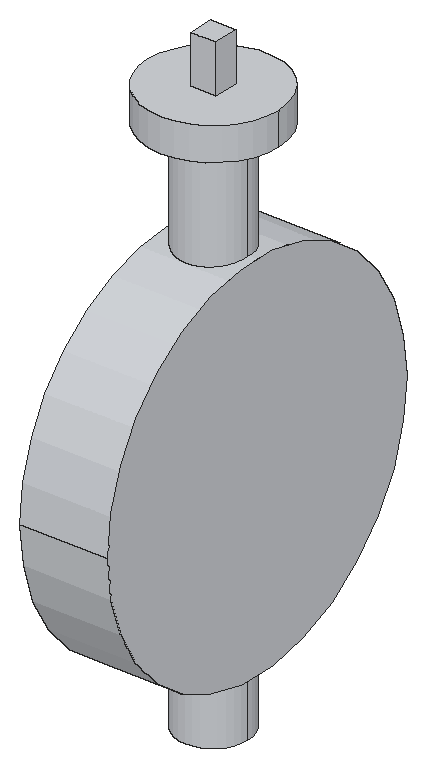
Revit family "HS497-67_disk-litina-volné vřeteno DN200-RFA_2018", category Pipe Accessories, Revit 2018
Family settings
  Round Connector Dimension = Use Diameter
  Part Type = Valve - Breaks Into
  Work Plane-Based = No
  Always vertical = Yes
  Cut with Voids When Loaded = No
  Shared = No
Parameters (values of type "HS 497-67_DN200_PN16_volné vřeteno")
  magiProductId = "5b29029eaeba47139ee1055a4b9201"
  magiProductFamilyId = "53cea81e6f374d17b8841d9c72ad77"
  magiPartTypeId = 305
  isMeasuringValve [instance] = no
  ang2D [instance] = 0.00°
  X11 = 61.456 mm
  X1 = 25.456 mm
  W2D = 1000 mm
  VersionID = "2.0/2017.9.26.1/ZETKAMA_497_001"
  Use Minimum Symbol Size [instance] = yes
  URL = "http://www.hydronic.cz"
  Type Comments = "mezipřírubová; litinový disk; PN16; -10~+110°C (krátkodobě +120°C)"
  SW30 = no
  SW3 = no
  SW21 = no
  SW20 = no
  SW2 = no
  SW1 = yes
  R = 100 mm
  QmdConnectorList = "301;D;302;D"
  Productdata [instance] = ""
  NC = 50 mm
  Model = ""
  Manufacturer = "Hydronic Systems Prague s.r.o."
  MM20 = 25.456 mm
  MC Product Code = "123 200 (litinový disk, s volným vřetenem; DN200; PN16, kvs2675)"
  M41 = 66 mm
  M4 = 44 mm
  LHL = 220 mm
  LHH3 = 2.45 mm
  LHH1 = 46.55 mm
  LH1 = 73.333 mm
  L4R__ve = -L4R  # -12.8 mm
  L4R = 12.8 mm
  L42__ve = -L42  # -96 mm
  L42 = 96 mm
  L41__ve = -L41  # -19.2 mm
  L41 = 19.2 mm
  L2D_Min = 3048 mm
  L2D = 216 mm
  L2 = 30 mm
  L1 = 48 mm
  L = 60 mm
  H = 33 mm
  G22 = 11.25 mm
  G2 = 22.5 mm
  G1 = 90 mm
  G = 90 mm
  F = 17 mm
  E44 = 31.25 mm
  E42 = 62.5 mm
  E4 = 125 mm
  E23 = 4.9 mm
  E22 = 19.6 mm
  E21 = 9.8 mm
  Description = "Mezipřírubová uzavírací klapka s volným vřetenem; litinový disk, DN200; PN16; kvs2675"
  DR2 = 100 mm
  DR = 257 mm
  DD1 = 15.625 mm
  DD = 12.5 mm
  D = 200 mm
  CAT0 = yes
  B2__ve = -B2  # -70 mm
  B2 = 70 mm
  A2 = 22.5 mm
  A1 = 102.5 mm
Types (43, lengths in mm): name | magiProductId | X11 | X1 | Type Comments | SW30 | SW3 | SW20 | SW2 | SW1 | R | NC | MM20 | MC Product Code | M41 | M4 | LHL | LHH3 | LHH1 | LH1 | L4R__ve | L4R | L42__ve | L42 | L41__ve | L41 | L2 | L1 | L | H | G | F | E44 | E42 | E4 | E23 | E22 | E21 | Description | DR2 | DR | DD1 | DD | D | B2__ve | B2 | A2 | A1
  HS 497-67_DN100_PN16_volné vřeteno | "65d1b245f4f142c78569c0602d5754" | 61.456 | 25.456 | "mezipřírubová; litinový disk; PN16; -10~+110°C (krátkodobě +120°C)" | no | no | no | no | yes | 50 | 50 | 25.456 | "123 100 (litinový disk, s volným vřetenem; DN100; PN16, kvs512)" | 66 | 44 | 220 | 2.45 | 46.55 | 73.333 | -12.8 | 12.8 | -96 | 96 | -19.2 | 19.2 | 26 | 41.6 | 52 | 30 | 90 | 11 | 31.25 | 62.5 | 125 | 4.9 | 19.6 | 9.8 | "Mezipřírubová uzavírací klapka s volným vřetenem; litinový disk, DN100; PN16; kvs512" | 50 | 147 | 15.625 | 12.5 | 100 | -56 | 56 | 16.5 | 98.5
  HS 497-67_DN100_PN16_převodové kolo | "11e91b807e674d428c8e796fcdcfe2" | 61.456 | 25.456 | "mezipřírubová; litinový disk; PN16; -10~+110°C (krátkodobě +120°C)" | yes | yes | no | no | no | 50 | 50 | 25.456 | "125 100 (litinový disk, s převodovým kolem; DN100; PN16, kvs512)" | 65.25 | 43.5 | 220 | 2.45 | 46.55 | 73.333 | -12.8 | 12.8 | -96 | 96 | -19.2 | 19.2 | 26 | 41.6 | 52 | 30 | 90 | 11 | 31.25 | 62.5 | 125 | 4.9 | 19.6 | 9.8 | "Mezipřírubová uzavírací klapka s převodovým kolem; litinový disk, DN100; PN16; kvs512" | 50 | 147 | 15.625 | 12.5 | 100 | -56 | 56 | 16.5 | 98.5
  HS 497-67_DN100_PN16_s pákou | "28172f0b3f4b47b28323ac71cf8749" | 61.456 | 25.456 | "mezipřírubová; litinový disk; PN16; -10~+110°C (krátkodobě +120°C)" | no | no | yes | yes | no | 50 | 50 | 25.456 | "120 100 (litinový disk, s pákou; DN100; PN16, kvs512)" | 66 | 44 | 260 | 3 | 57 | 86.667 | -12.8 | 12.8 | -96 | 96 | -19.2 | 19.2 | 26 | 41.6 | 52 | 30 | 90 | 11 | 31.25 | 62.5 | 125 | 6 | 24 | 12 | "Mezipřírubová uzavírací klapka s pákou; litinový disk, DN100; PN16; kvs512" | 50 | 147 | 15.625 | 12.5 | 100 | -56 | 56 | 16.5 | 98.5
  HS 497-67_DN125_PN16_volné vřeteno | "0d813d910fc14f628bb3c2efbd185c" | 61.456 | 25.456 | "mezipřírubová; litinový disk; PN16; -10~+110°C (krátkodobě +120°C)" | no | no | no | no | yes | 62.5 | 50 | 25.456 | "123 125 (litinový disk, s volným vřetenem; DN125; PN16, kvs872)" | 66 | 44 | 220 | 2.45 | 46.55 | 73.333 | -12.8 | 12.8 | -96 | 96 | -19.2 | 19.2 | 28 | 44.8 | 56 | 33 | 90 | 14 | 31.25 | 62.5 | 125 | 4.9 | 19.6 | 9.8 | "Mezipřírubová uzavírací klapka s volným vřetenem; litinový disk, DN125; PN16; kvs872" | 62.5 | 180 | 15.625 | 12.5 | 125 | -64 | 64 | 18 | 99.5
  HS 497-67_DN125_PN16_převodové kolo | "c56b7c13f372467684996fb1e0e229" | 61.456 | 25.456 | "mezipřírubová; litinový disk; PN16; -10~+110°C (krátkodobě +120°C)" | yes | yes | no | no | no | 62.5 | 50 | 25.456 | "125 125 (litinový disk, s převodovým kolem; DN125; PN16, kvs872)" | 65.25 | 43.5 | 220 | 2.45 | 46.55 | 73.333 | -13.5 | 13.5 | -101.25 | 101.25 | -20.25 | 20.25 | 28 | 44.8 | 56 | 33 | 90 | 14 | 40 | 80 | 160 | 4.9 | 19.6 | 9.8 | "Mezipřírubová uzavírací klapka s převodovým kolem; litinový disk, DN125; PN16; kvs872" | 62.5 | 180 | 20 | 16 | 125 | -64 | 64 | 18 | 99.5
  HS 497-67_DN125_PN16_s pákou | "105993c79a91492399feef7931321a" | 61.456 | 25.456 | "mezipřírubová; litinový disk; PN16; -10~+110°C (krátkodobě +120°C)" | no | no | yes | yes | no | 62.5 | 50 | 25.456 | "120 125 (litinový disk, s pákou; DN125; PN16, kvs872)" | 66 | 44 | 315 | 3.75 | 71.25 | 105 | -12.8 | 12.8 | -96 | 96 | -19.2 | 19.2 | 28 | 44.8 | 56 | 33 | 90 | 14 | 31.25 | 62.5 | 125 | 7.5 | 30 | 15 | "Mezipřírubová uzavírací klapka s pákou; litinový disk, DN125; PN16; kvs872" | 62.5 | 180 | 15.625 | 12.5 | 125 | -64 | 64 | 18 | 99.5
  HS 497-67_DN150_PN16_volné vřeteno | "50c80cb8ab434f55ab7796e5ac1331" | 61.456 | 25.456 | "mezipřírubová; litinový disk; PN16; -10~+110°C (krátkodobě +120°C)" | no | no | no | no | yes | 75 | 50 | 25.456 | "123 150 (litinový disk, s volným vřetenem; DN150; PN16, kvs1347)" | 66 | 44 | 220 | 2.45 | 46.55 | 73.333 | -12.8 | 12.8 | -96 | 96 | -19.2 | 19.2 | 28 | 44.8 | 56 | 33 | 90 | 14 | 31.25 | 62.5 | 125 | 4.9 | 19.6 | 9.8 | "Mezipřírubová uzavírací klapka s volným vřetenem; litinový disk, DN150; PN16; kvs1347" | 75 | 206 | 15.625 | 12.5 | 150 | -58 | 58 | 19.3 | 98.7
  HS 497-67_DN150_PN16_převodové kolo | "d94a1a0cf83b476eb10011b327f709" | 61.456 | 25.456 | "mezipřírubová; litinový disk; PN16; -10~+110°C (krátkodobě +120°C)" | yes | yes | no | no | no | 75 | 50 | 25.456 | "125 150 (litinový disk, s převodovým kolem; DN150; PN16, kvs1347)" | 65.25 | 43.5 | 220 | 2.45 | 46.55 | 73.333 | -13.5 | 13.5 | -101.25 | 101.25 | -20.25 | 20.25 | 28 | 44.8 | 56 | 33 | 90 | 14 | 40 | 80 | 160 | 4.9 | 19.6 | 9.8 | "Mezipřírubová uzavírací klapka s převodovým kolem; litinový disk, DN150; PN16; kvs1347" | 75 | 206 | 20 | 16 | 150 | -58 | 58 | 19.3 | 98.7
  HS 497-67_DN150_PN16_s pákou | "4d2835523fe84828bc50ff0a5a0dfb" | 61.456 | 25.456 | "mezipřírubová; litinový disk; PN16; -10~+110°C (krátkodobě +120°C)" | no | no | yes | yes | no | 75 | 50 | 25.456 | "120 150 (litinový disk, s pákou; DN150; PN16, kvs1347)" | 66 | 44 | 315 | 3.75 | 71.25 | 105 | -12.8 | 12.8 | -96 | 96 | -19.2 | 19.2 | 28 | 44.8 | 56 | 33 | 90 | 14 | 31.25 | 62.5 | 125 | 7.5 | 30 | 15 | "Mezipřírubová uzavírací klapka s pákou; litinový disk, DN150; PN16; kvs1347" | 75 | 206 | 15.625 | 12.5 | 150 | -58 | 58 | 19.3 | 98.7
  HS 497-67_DN200_PN16_volné vřeteno | "5b29029eaeba47139ee1055a4b9201" | 61.456 | 25.456 | "mezipřírubová; litinový disk; PN16; -10~+110°C (krátkodobě +120°C)" | no | no | no | no | yes | 100 | 50 | 25.456 | "123 200 (litinový disk, s volným vřetenem; DN200; PN16, kvs2675)" | 66 | 44 | 220 | 2.45 | 46.55 | 73.333 | -12.8 | 12.8 | -96 | 96 | -19.2 | 19.2 | 30 | 48 | 60 | 33 | 90 | 17 | 31.25 | 62.5 | 125 | 4.9 | 19.6 | 9.8 | "Mezipřírubová uzavírací klapka s volným vřetenem; litinový disk, DN200; PN16; kvs2675" | 100 | 257 | 15.625 | 12.5 | 200 | -70 | 70 | 22.5 | 102.5
  HS 497-67_DN200_PN16_převodové kolo | "b2793cc1fcc44cf2a35062cd67c04f" | 61.456 | 25.456 | "mezipřírubová; litinový disk; PN16; -10~+110°C (krátkodobě +120°C)" | yes | yes | no | no | no | 100 | 57 | 25.456 | "125 200 (litinový disk, s převodovým kolem; DN200; PN16, kvs2675)" | 78.75 | 52.5 | 220 | 2.45 | 46.55 | 73.333 | -15.2 | 15.2 | -114 | 114 | -22.8 | 22.8 | 30 | 48 | 60 | 33 | 90 | 17 | 50 | 100 | 200 | 4.9 | 19.6 | 9.8 | "Mezipřírubová uzavírací klapka s převodovým kolem; litinový disk, DN200; PN16; kvs2675" | 100 | 257 | 25 | 20 | 200 | -70 | 70 | 22.5 | 102.5
  HS 497-67_DN200_PN16_s pákou | "f88d96c7af224537a51e72d7d8fffe" | 61.456 | 25.456 | "mezipřírubová; litinový disk; PN16; -10~+110°C (krátkodobě +120°C)" | no | no | yes | yes | no | 100 | 50 | 25.456 | "120 200 (litinový disk, s pákou; DN200; PN16, kvs2675)" | 66 | 44 | 315 | 3.75 | 71.25 | 105 | -12.8 | 12.8 | -96 | 96 | -19.2 | 19.2 | 30 | 48 | 60 | 33 | 90 | 17 | 31.25 | 62.5 | 125 | 7.5 | 30 | 15 | "Mezipřírubová uzavírací klapka s pákou; litinový disk, DN200; PN16; kvs2675" | 100 | 257 | 15.625 | 12.5 | 200 | -70 | 70 | 22.5 | 102.5
  HS 497-67_DN250_PN16_volné vřeteno | "b662e8305ca2402b9c510e66e6aa55" | 88.77 | 36.77 | "mezipřírubová; litinový disk; PN16; -10~+110°C (krátkodobě +120°C)" | no | no | no | no | yes | 125 | 50 | 36.77 | "123 250 (litinový disk, s volným vřetenem; DN250; PN16, kvs4555)" | 66 | 44 | 220 | 2.45 | 46.55 | 73.333 | -12.8 | 12.8 | -96 | 96 | -19.2 | 19.2 | 34 | 54.4 | 68 | 23 | 130 | 22 | 31.25 | 62.5 | 125 | 4.9 | 19.6 | 9.8 | "Mezipřírubová uzavírací klapka s volným vřetenem; litinový disk, DN250; PN16; kvs4555" | 125 | 324 | 15.625 | 12.5 | 250 | -85 | 85 | 28.25 | 129.25
  HS 497-67_DN250_PN16_převodové kolo | "5ee9016806664ddfaa2632711f295c" | 88.77 | 36.77 | "mezipřírubová; litinový disk; PN16; -10~+110°C (krátkodobě +120°C)" | yes | yes | no | no | no | 125 | 70 | 36.77 | "125 250 (litinový disk, s převodovým kolem; DN250; PN16, kvs4555)" | 91.5 | 61 | 220 | 2.45 | 46.55 | 73.333 | -22.2 | 22.2 | -166.5 | 166.5 | -33.3 | 33.3 | 34 | 54.4 | 68 | 23 | 130 | 22 | 62.5 | 125 | 250 | 4.9 | 19.6 | 9.8 | "Mezipřírubová uzavírací klapka s převodovým kolem; litinový disk, DN250; PN16; kvs4555" | 125 | 324 | 31.25 | 25 | 250 | -85 | 85 | 28.25 | 129.25
  HS 497-67_DN300_PN16_volné vřeteno | "e1886f51ff004380a649519258edf2" | 88.77 | 36.77 | "mezipřírubová; litinový disk; PN16; -10~+110°C (krátkodobě +120°C)" | no | no | no | no | yes | 150 | 50 | 36.77 | "123 300 (litinový disk, s volným vřetenem; DN300; PN16, kvs7037)" | 66 | 44 | 220 | 2.45 | 46.55 | 73.333 | -12.8 | 12.8 | -96 | 96 | -19.2 | 19.2 | 39 | 62.4 | 78 | 23 | 130 | 22 | 31.25 | 62.5 | 125 | 4.9 | 19.6 | 9.8 | "Mezipřírubová uzavírací klapka s volným vřetenem; litinový disk, DN300; PN16; kvs7037" | 150 | 376 | 15.625 | 12.5 | 300 | -90 | 90 | 30.8 | 127.2
  HS 497-67_DN300_PN16_převodové kolo | "6860f094f77d42088fbebc3c97f755" | 88.77 | 36.77 | "mezipřírubová; litinový disk; PN16; -10~+110°C (krátkodobě +120°C)" | yes | yes | no | no | no | 150 | 70 | 36.77 | "125 300 (litinový disk, s převodovým kolem; DN300; PN16, kvs7037)" | 91.5 | 61 | 220 | 2.45 | 46.55 | 73.333 | -22.2 | 22.2 | -166.5 | 166.5 | -33.3 | 33.3 | 39 | 62.4 | 78 | 23 | 130 | 22 | 62.5 | 125 | 250 | 4.9 | 19.6 | 9.8 | "Mezipřírubová uzavírací klapka s převodovým kolem; litinový disk, DN300; PN16; kvs7037" | 150 | 376 | 31.25 | 25 | 300 | -90 | 90 | 30.8 | 127.2
  HS 497-67_DN032_PN16_volné vřeteno | "8c5f65de52aa4067a77564107e31b2" | 61.456 | 25.456 | "mezipřírubová; litinový disk; PN16; -10~+110°C (krátkodobě +120°C)" | no | no | no | no | yes | 16 | 50 | 25.456 | "123 032 (litinový disk, s volným vřetenem; DN32; PN16, kvs78)" | 66 | 44 | 220 | 2.45 | 46.55 | 73.333 | -12.8 | 12.8 | -96 | 96 | -19.2 | 19.2 | 16.5 | 26.4 | 33 | 30 | 90 | 11 | 31.25 | 62.5 | 125 | 4.9 | 19.6 | 9.8 | "Mezipřírubová uzavírací klapka s volným vřetenem; litinový disk, DN32; PN16; kvs78" | 16 | 68 | 15.625 | 12.5 | 32 | -44.2 | 44.2 | 10.25 | 76.25
  HS 497-67_DN032_PN16_převodové kolo | "60aaeffa8b3a4e809ef000e4660060" | 61.456 | 25.456 | "mezipřírubová; litinový disk; PN16; -10~+110°C (krátkodobě +120°C)" | yes | yes | no | no | no | 16 | 50 | 25.456 | "125 032 (litinový disk, s převodovým kolem; DN32; PN16, kvs78)" | 65.25 | 43.5 | 220 | 2.45 | 46.55 | 73.333 | -12.8 | 12.8 | -96 | 96 | -19.2 | 19.2 | 16.5 | 26.4 | 33 | 30 | 90 | 11 | 31.25 | 62.5 | 125 | 4.9 | 19.6 | 9.8 | "Mezipřírubová uzavírací klapka s převodovým kolem; litinový disk, DN32; PN16; kvs78" | 16 | 68 | 15.625 | 12.5 | 32 | -44.2 | 44.2 | 10.25 | 76.25
  HS 497-67_DN032_PN16_s pákou | "9ad8088d610749a1b871aa2aad8007" | 61.456 | 25.456 | "mezipřírubová; litinový disk; PN16; -10~+110°C (krátkodobě +120°C)" | no | no | yes | yes | no | 16 | 50 | 25.456 | "120 032 (litinový disk, s pákou; DN32; PN16, kvs78)" | 66 | 44 | 220 | 2.45 | 46.55 | 73.333 | -12.8 | 12.8 | -96 | 96 | -19.2 | 19.2 | 16.5 | 26.4 | 33 | 30 | 90 | 11 | 31.25 | 62.5 | 125 | 4.9 | 19.6 | 9.8 | "Mezipřírubová uzavírací klapka s pákou; litinový disk, DN32; PN16; kvs78" | 16 | 68 | 15.625 | 12.5 | 32 | -44.2 | 44.2 | 10.25 | 76.25
  HS 497-67_DN350_PN10_volné vřeteno | "72a1e05f22944421b7e9596a877137" | 109.255 | 45.255 | "mezipřírubová; litinový disk; PN10; -10~+110°C (krátkodobě +120°C)" | no | no | no | no | yes | 175 | 50 | 45.255 | "123 350 (litinový disk, s volným vřetenem; DN350; PN10, kvs10165)" | 66 | 44 | 220 | 2.45 | 46.55 | 73.333 | -12.8 | 12.8 | -96 | 96 | -19.2 | 19.2 | 39 | 62.4 | 78 | 31 | 160 | 22 | 31.25 | 62.5 | 125 | 4.9 | 19.6 | 9.8 | "Mezipřírubová uzavírací klapka s volným vřetenem; litinový disk, DN350; PN10; kvs10165" | 175 | 430 | 15.625 | 12.5 | 350 | -88 | 88 | 33.85 | 129.65
  HS 497-67_DN350_PN10_převodové kolo | "a5a01426cb28494ba3afca92f1dace" | 109.255 | 45.255 | "mezipřírubová; litinový disk; PN10; -10~+110°C (krátkodobě +120°C)" | yes | yes | no | no | no | 175 | 70 | 45.255 | "125 350 (litinový disk, s převodovým kolem; DN350; PN10, kvs10165)" | 91.5 | 61 | 220 | 2.45 | 46.55 | 73.333 | -22.2 | 22.2 | -166.5 | 166.5 | -33.3 | 33.3 | 39 | 62.4 | 78 | 31 | 160 | 22 | 62.5 | 125 | 250 | 4.9 | 19.6 | 9.8 | "Mezipřírubová uzavírací klapka s převodovým kolem; litinový disk, DN350; PN10; kvs10165" | 175 | 430 | 31.25 | 25 | 350 | -88 | 88 | 33.85 | 129.65
  HS 497-67_DN400_PN10_volné vřeteno | "c70ebeb927c04ab99b176e257ad0a7" | 109.255 | 45.255 | "mezipřírubová; litinový disk; PN10; -10~+110°C (krátkodobě +120°C)" | no | no | no | no | yes | 200 | 50 | 45.255 | "123 400 (litinový disk, s volným vřetenem; DN400; PN10, kvs13799)" | 66 | 44 | 220 | 2.45 | 46.55 | 73.333 | -12.8 | 12.8 | -96 | 96 | -19.2 | 19.2 | 51 | 81.6 | 102 | 31 | 160 | 27 | 31.25 | 62.5 | 125 | 4.9 | 19.6 | 9.8 | "Mezipřírubová uzavírací klapka s volným vřetenem; litinový disk, DN400; PN10; kvs13799" | 200 | 485 | 15.625 | 12.5 | 400 | -108 | 108 | 38 | 142
  HS 497-67_DN400_PN10_převodové kolo | "cc64a4384dcb41b780d81810f4f293" | 109.255 | 45.255 | "mezipřírubová; litinový disk; PN10; -10~+110°C (krátkodobě +120°C)" | yes | yes | no | no | no | 200 | 72.5 | 45.255 | "125 400 (litinový disk, s převodovým kolem; DN400; PN10, kvs13799)" | 103.5 | 69 | 220 | 2.45 | 46.55 | 73.333 | -27.8 | 27.8 | -208.5 | 208.5 | -41.7 | 41.7 | 51 | 81.6 | 102 | 31 | 160 | 27 | 75 | 150 | 300 | 4.9 | 19.6 | 9.8 | "Mezipřírubová uzavírací klapka s převodovým kolem; litinový disk, DN400; PN10; kvs13799" | 200 | 485 | 37.5 | 30 | 400 | -108 | 108 | 38 | 142
  HS 497-67_DN040_PN16_volné vřeteno | "35f92312390745e88df5b5c325d9ee" | 61.456 | 25.456 | "mezipřírubová; litinový disk; PN16; -10~+110°C (krátkodobě +120°C)" | no | no | no | no | yes | 20 | 50 | 25.456 | "123 040 (litinový disk, s volným vřetenem; DN40; PN16, kvs78)" | 66 | 44 | 220 | 2.45 | 46.55 | 73.333 | -12.8 | 12.8 | -96 | 96 | -19.2 | 19.2 | 16.5 | 26.4 | 33 | 30 | 90 | 11 | 31.25 | 62.5 | 125 | 4.9 | 19.6 | 9.8 | "Mezipřírubová uzavírací klapka s volným vřetenem; litinový disk, DN40; PN16; kvs78" | 20 | 76 | 15.625 | 12.5 | 40 | -36 | 36 | 11 | 79
  HS 497-67_DN040_PN16_převodové kolo | "d88e968eae3445bc9b7b4e6ff35127" | 61.456 | 25.456 | "mezipřírubová; litinový disk; PN16; -10~+110°C (krátkodobě +120°C)" | yes | yes | no | no | no | 20 | 50 | 25.456 | "125 040 (litinový disk, s převodovým kolem; DN40; PN16, kvs78)" | 65.25 | 43.5 | 220 | 2.45 | 46.55 | 73.333 | -12.8 | 12.8 | -96 | 96 | -19.2 | 19.2 | 16.5 | 26.4 | 33 | 30 | 90 | 11 | 31.25 | 62.5 | 125 | 4.9 | 19.6 | 9.8 | "Mezipřírubová uzavírací klapka s převodovým kolem; litinový disk, DN40; PN16; kvs78" | 20 | 76 | 15.625 | 12.5 | 40 | -36 | 36 | 11 | 79
  HS 497-67_DN040_PN16_s pákou | "c1b522ca65b4407a98818f232eaacb" | 61.456 | 25.456 | "mezipřírubová; litinový disk; PN16; -10~+110°C (krátkodobě +120°C)" | no | no | yes | yes | no | 20 | 50 | 25.456 | "120 040 (litinový disk, s pákou; DN40; PN16, kvs78)" | 66 | 44 | 220 | 2.45 | 46.55 | 73.333 | -12.8 | 12.8 | -96 | 96 | -19.2 | 19.2 | 16.5 | 26.4 | 33 | 30 | 90 | 11 | 31.25 | 62.5 | 125 | 4.9 | 19.6 | 9.8 | "Mezipřírubová uzavírací klapka s pákou; litinový disk, DN40; PN16; kvs78" | 20 | 76 | 15.625 | 12.5 | 40 | -36 | 36 | 11 | 79
  HS 497-67_DN450_PN10_volné vřeteno | "a8358bc282f14872b3194e530e590a" | 129.74 | 53.74 | "mezipřírubová; litinový disk; PN10; -10~+110°C (krátkodobě +120°C)" | no | no | no | no | yes | 225 | 50 | 53.74 | "123 450 (litinový disk, s volným vřetenem; DN450; PN10, kvs18514)" | 66 | 44 | 220 | 2.45 | 46.55 | 73.333 | -12.8 | 12.8 | -96 | 96 | -19.2 | 19.2 | 57 | 91.2 | 114 | 38 | 190 | 36 | 31.25 | 62.5 | 125 | 4.9 | 19.6 | 9.8 | "Mezipřírubová uzavírací klapka s volným vřetenem; litinový disk, DN450; PN10; kvs18514" | 225 | 536 | 15.625 | 12.5 | 450 | -115 | 115 | 38.05 | 117.45
  HS 497-67_DN450_PN10_převodové kolo | "cdf2d80f54a9414f9cbe50647c0ebd" | 129.74 | 53.74 | "mezipřírubová; litinový disk; PN10; -10~+110°C (krátkodobě +120°C)" | yes | yes | no | no | no | 225 | 91.5 | 53.74 | "125 450 (litinový disk, s převodovým kolem; DN450; PN10, kvs18514)" | 144.75 | 96.5 | 220 | 2.45 | 46.55 | 73.333 | -32.1 | 32.1 | -240.75 | 240.75 | -48.15 | 48.15 | 57 | 91.2 | 114 | 38 | 190 | 36 | 100 | 200 | 400 | 4.9 | 19.6 | 9.8 | "Mezipřírubová uzavírací klapka s převodovým kolem; litinový disk, DN450; PN10; kvs18514" | 225 | 536 | 50 | 40 | 450 | -115 | 115 | 38.05 | 117.45
  HS 497-67_DN500_PN10_volné vřeteno | "8c396e27bb2743f98f3c762b6517cd" | 143.397 | 59.397 | "mezipřírubová; litinový disk; PN10; -10~+110°C (krátkodobě +120°C)" | no | no | no | no | yes | 250 | 50 | 59.397 | "123 500 (litinový disk, s volným vřetenem; DN500; PN10, kvs23805)" | 66 | 44 | 220 | 2.45 | 46.55 | 73.333 | -12.8 | 12.8 | -96 | 96 | -19.2 | 19.2 | 63.5 | 101.6 | 127 | 38 | 210 | 36 | 31.25 | 62.5 | 125 | 4.9 | 19.6 | 9.8 | "Mezipřírubová uzavírací klapka s volným vřetenem; litinový disk, DN500; PN10; kvs23805" | 250 | 593 | 15.625 | 12.5 | 500 | -130 | 130 | 43.25 | 139.25
  HS 497-67_DN500_PN10_převodové kolo | "7647804f32e94cef828a7034a91a46" | 143.397 | 59.397 | "mezipřírubová; litinový disk; PN10; -10~+110°C (krátkodobě +120°C)" | yes | yes | no | no | no | 250 | 91.5 | 59.397 | "125 500 (litinový disk, s převodovým kolem; DN500; PN10, kvs23805)" | 144.75 | 96.5 | 220 | 2.45 | 46.55 | 73.333 | -32.1 | 32.1 | -240.75 | 240.75 | -48.15 | 48.15 | 63.5 | 101.6 | 127 | 38 | 210 | 36 | 100 | 200 | 400 | 4.9 | 19.6 | 9.8 | "Mezipřírubová uzavírací klapka s převodovým kolem; litinový disk, DN500; PN10; kvs23805" | 250 | 593 | 50 | 40 | 500 | -130 | 130 | 43.25 | 139.25
  HS 497-67_DN050_volné vřeteno | "d71f296ecd6d4adf8f6e5d9853b4e0" | 61.456 | 25.456 | "mezipřírubová; litinový disk; PN16; -10~+110°C (krátkodobě +120°C)" | no | no | no | no | yes | 25 | 50 | 25.456 | "123 050 (litinový disk, s volným vřetenem; DN50; PN16, kvs98)" | 66 | 44 | 220 | 2.45 | 46.55 | 73.333 | -12.8 | 12.8 | -96 | 96 | -19.2 | 19.2 | 21.5 | 34.4 | 43 | 30 | 90 | 11 | 31.25 | 62.5 | 125 | 4.9 | 19.6 | 9.8 | "Mezipřírubová uzavírací klapka s volným vřetenem; litinový disk, DN50; PN16; kvs98" | 25 | 100 | 15.625 | 12.5 | 50 | -36.5 | 36.5 | 12 | 83
  HS 497-67_DN050_PN16_převodové kolo | "2fb080deeaed49c58418b94c1da5a4" | 61.456 | 25.456 | "mezipřírubová; litinový disk; PN16; -10~+110°C (krátkodobě +120°C)" | yes | yes | no | no | no | 25 | 50 | 25.456 | "125 050 (litinový disk, s převodovým kolem; DN50; PN16, kvs98)" | 65.25 | 43.5 | 220 | 2.45 | 46.55 | 73.333 | -12.8 | 12.8 | -96 | 96 | -19.2 | 19.2 | 21.5 | 34.4 | 43 | 30 | 90 | 11 | 31.25 | 62.5 | 125 | 4.9 | 19.6 | 9.8 | "Mezipřírubová uzavírací klapka s převodovým kolem; litinový disk, DN50; PN16; kvs98" | 25 | 100 | 15.625 | 12.5 | 50 | -36.5 | 36.5 | 12 | 83
  HS 497-67_DN050_PN16_s pákou | "dabc632061f94877a994b9b4e68112" | 61.456 | 25.456 | "mezipřírubová; litinový disk; PN16; -10~+110°C (krátkodobě +120°C)" | no | no | yes | yes | no | 25 | 50 | 25.456 | "120 050 (litinový disk, s pákou; DN50; PN16, kvs98)" | 66 | 44 | 220 | 2.45 | 46.55 | 73.333 | -12.8 | 12.8 | -96 | 96 | -19.2 | 19.2 | 21.5 | 34.4 | 43 | 30 | 90 | 11 | 31.25 | 62.5 | 125 | 4.9 | 19.6 | 9.8 | "Mezipřírubová uzavírací klapka s pákou; litinový disk, DN50; PN16; kvs98" | 25 | 100 | 15.625 | 12.5 | 50 | -36.5 | 36.5 | 12 | 83
  HS 497-67_DN600_PN10_volné vřeteno | "99d5892c14664fce81a7c5903f7711" | 143.397 | 59.397 | "mezipřírubová; litinový disk; PN10; -10~+110°C (krátkodobě +120°C)" | no | no | no | no | yes | 300 | 50 | 59.397 | "123 600 (litinový disk, s volným vřetenem; DN600; PN10, kvs36778)" | 66 | 44 | 220 | 2.45 | 46.55 | 73.333 | -12.8 | 12.8 | -96 | 96 | -19.2 | 19.2 | 77 | 123.2 | 154 | 80 | 210 | 60 | 31.25 | 62.5 | 125 | 4.9 | 19.6 | 9.8 | "Mezipřírubová uzavírací klapka s volným vřetenem; litinový disk, DN600; PN10; kvs36788" | 300 | 690 | 15.625 | 12.5 | 600 | -140 | 140 | 49.4 | 144.6
  HS 497-67_DN600_PN10_převodové kolo | "b1e26faab48a4c499f6bb11e7e3002" | 143.397 | 59.397 | "mezipřírubová; litinový disk; PN10; -10~+110°C (krátkodobě +120°C)" | yes | yes | no | no | no | 300 | 140 | 59.397 | "125 600 (litinový disk, s převodovým kolem; DN600; PN10, kvs36778)" | 206.25 | 137.5 | 220 | 2.45 | 46.55 | 73.333 | -40.8 | 40.8 | -306 | 306 | -61.2 | 61.2 | 77 | 123.2 | 154 | 80 | 210 | 60 | 125 | 250 | 500 | 4.9 | 19.6 | 9.8 | "Mezipřírubová uzavírací klapka s převodovým kolem; litinový disk, DN600; PN10; kvs36788" | 300 | 690 | 62.5 | 50 | 600 | -140 | 140 | 49.4 | 144.6
  HS 497-67_DN065_PN16_volné vřeteno | "5e5e208646e34ec29f889baab5d08e" | 61.456 | 25.456 | "mezipřírubová; litinový disk; PN16; -10~+110°C (krátkodobě +120°C)" | no | no | no | no | yes | 32.5 | 50 | 25.456 | "123 065 (litinový disk, s volným vřetenem; DN65; PN16, kvs167)" | 66 | 44 | 220 | 2.45 | 46.55 | 73.333 | -12.8 | 12.8 | -96 | 96 | -19.2 | 19.2 | 23 | 36.8 | 46 | 30 | 90 | 11 | 31.25 | 62.5 | 125 | 4.9 | 19.6 | 9.8 | "Mezipřírubová uzavírací klapka s volným vřetenem; litinový disk, DN65; PN16; kv167" | 32.5 | 108 | 15.625 | 12.5 | 65 | -36.5 | 36.5 | 13.5 | 89
  HS 497-67_DN065_PN16_převodové kolo | "654d74c8d15540b0bfe523d988ccb3" | 61.456 | 25.456 | "mezipřírubová; litinový disk; PN16; -10~+110°C (krátkodobě +120°C)" | yes | yes | no | no | no | 32.5 | 50 | 25.456 | "125 065 (litinový disk, s převodovým kolem; DN65; PN16, kvs167)" | 65.25 | 43.5 | 220 | 2.45 | 46.55 | 73.333 | -12.8 | 12.8 | -96 | 96 | -19.2 | 19.2 | 23 | 36.8 | 46 | 30 | 90 | 11 | 31.25 | 62.5 | 125 | 4.9 | 19.6 | 9.8 | "Mezipřírubová uzavírací klapka s převodovým kolem; litinový disk, DN65; PN16; kvs167" | 32.5 | 108 | 15.625 | 12.5 | 65 | -36.5 | 36.5 | 13.5 | 89
  HS 497-67_DN065_PN16_s pákou | "ebeb4b59db0641caaf6d6635ab37b9" | 61.456 | 25.456 | "mezipřírubová; litinový disk; PN16; -10~+110°C (krátkodobě +120°C)" | no | no | yes | yes | no | 32.5 | 50 | 25.456 | "120 065 (litinový disk, s pákou; DN65; PN16, kvs167)" | 66 | 44 | 220 | 2.45 | 46.55 | 73.333 | -12.8 | 12.8 | -96 | 96 | -19.2 | 19.2 | 23 | 36.8 | 46 | 30 | 90 | 11 | 31.25 | 62.5 | 125 | 4.9 | 19.6 | 9.8 | "Mezipřírubová uzavírací klapka s pákou; litinový disk, DN65; PN16; kvs167" | 32.5 | 108 | 15.625 | 12.5 | 65 | -36.5 | 36.5 | 13.5 | 89
  HS 497-67_DN080_PN16_volné vřeteno | "9e85c75c18654e1185a9c48ed6b00e" | 61.456 | 25.456 | "mezipřírubová; litinový disk; PN16; -10~+110°C (krátkodobě +120°C)" | no | no | no | no | yes | 40 | 50 | 25.456 | "123 080 (litinový disk, s volným vřetenem; DN80; PN16, kvs258)" | 66 | 44 | 220 | 2.45 | 46.55 | 73.333 | -12.8 | 12.8 | -96 | 96 | -19.2 | 19.2 | 23 | 36.8 | 46 | 30 | 90 | 11 | 31.25 | 62.5 | 125 | 4.9 | 19.6 | 9.8 | "Mezipřírubová uzavírací klapka s volným vřetenem; litinový disk, DN80; PN16; kvs258" | 40 | 124 | 15.625 | 12.5 | 80 | -54 | 54 | 14.1 | 86.9
  HS 497-67_DN080_PN16_převodové kolo | "5b3c8238c3d041e68c75b199e7ea46" | 61.456 | 25.456 | "mezipřírubová; litinový disk; PN16; -10~+110°C (krátkodobě +120°C)" | yes | yes | no | no | no | 40 | 50 | 25.456 | "125 080 (litinový disk, s převodovým kolem; DN80; PN16, kvs258)" | 65.25 | 43.5 | 220 | 2.45 | 46.55 | 73.333 | -12.8 | 12.8 | -96 | 96 | -19.2 | 19.2 | 23 | 36.8 | 46 | 30 | 90 | 11 | 31.25 | 62.5 | 125 | 4.9 | 19.6 | 9.8 | "Mezipřírubová uzavírací klapka s převodovým kolem; litinový disk, DN80; PN16; kvs258" | 40 | 124 | 15.625 | 12.5 | 80 | -54 | 54 | 14.1 | 86.9
  HS 497-67_DN080_PN16_s pákou | "e414795fab0f4eccb99bc3572c5477" | 61.456 | 25.456 | "mezipřírubová; litinový disk; PN16; -10~+110°C (krátkodobě +120°C)" | no | no | yes | yes | no | 40 | 50 | 25.456 | "120 080 (litinový disk, s pákou; DN80; PN16, kvs258)" | 66 | 44 | 260 | 3 | 57 | 86.667 | -12.8 | 12.8 | -96 | 96 | -19.2 | 19.2 | 23 | 36.8 | 46 | 30 | 90 | 11 | 31.25 | 62.5 | 125 | 6 | 24 | 12 | "Mezipřírubová uzavírací klapka s pákou; litinový disk, DN80; PN16; kvs258" | 40 | 124 | 15.625 | 12.5 | 80 | -54 | 54 | 14.1 | 86.9
  HS 497-67_DN250_PN16_s pákou | "" | 88.77 | 36.77 | "mezipřírubová; litinový disk; PN16; -10~+110°C (krátkodobě +120°C)" | no | no | yes | yes | no | 125 | 70 | 36.77 | "120 250 (litinový disk, s pákou; DN250; PN16, kvs4555)" | 91.5 | 61 | 220 | 2.45 | 46.55 | 73.333 | -22.2 | 22.2 | -166.5 | 166.5 | -33.3 | 33.3 | 34 | 54.4 | 68 | 23 | 130 | 22 | 62.5 | 125 | 250 | 4.9 | 19.6 | 9.8 | "Mezipřírubová uzavírací klapka s pákou; litinový disk, DN250; PN16; kvs4555" | 125 | 324 | 31.25 | 25 | 250 | -85 | 85 | 28.25 | 129.25
  HS 497-67_DN300_PN16_s pákou | "" | 88.77 | 36.77 | "mezipřírubová; litinový disk; PN16; -10~+110°C (krátkodobě +120°C)" | no | no | yes | yes | no | 150 | 70 | 36.77 | "120 300 (litinový disk, s pákou; DN300; PN16, kvs7037)" | 91.5 | 61 | 220 | 2.45 | 46.55 | 73.333 | -22.2 | 22.2 | -166.5 | 166.5 | -33.3 | 33.3 | 39 | 62.4 | 78 | 23 | 130 | 22 | 62.5 | 125 | 250 | 4.9 | 19.6 | 9.8 | "Mezipřírubová uzavírací klapka s pákou; litinový disk, DN300; PN16; kvs7037" | 150 | 376 | 31.25 | 25 | 300 | -90 | 90 | 30.8 | 127.2
Reference planes
  plane 1 "Center (Front/Back)": y = 0
  plane 2 "XYPLANE": z = 0
  plane 3 "Center (Left/Right)": x = 0
  plane 4 "473": x = -25.456
  plane 5 "472": x = -66
  plane 6 "471": y = -25.456
  plane 7 "470": y = 25.456
  plane 8 "469": x = -44
  plane 9 "468": y = -115.2
  plane 10 "467": y = -96
  plane 11 "466": z = 256.25
  plane 12 "465": z = 271.55
  plane 13 "464": y = 145.417
  plane 14 "463": z = 261.75
  plane 15 "462": z = 244.6
  plane 16 "461": z = 254.4
  plane 17 "460": y = 72.083
  plane 18 "459": x = -11.25
  plane 19 "458": x = 11.25
  plane 20 "457": y = -6.25
  plane 21 "456": x = -17.5
  plane 22 "455": x = 17.5
  plane 23 "454": z = 259.3
  plane 24 "453": y = 62.083
  plane 25 "452": y = -11.25
  plane 26 "451": x = -22.5
  plane 27 "450": x = 22.5
  plane 28 "449": z = 239.7
  plane 29 "448": z = 234.8
  plane 30 "447": z = -100
  plane 31 "446": z = 225
  plane 32 "445": z = 202.5
  plane 33 "444": z = 100
  plane 34 "443": x = 30
  plane 35 "442": x = -30
  plane 36 "441": z = 0
  plane 37 "440": y = 0
  plane 38 "439": x = 0
  plane 39 "438": z = 274
  plane 40 "437": z = 259.3
  plane 41 "436": x = 13.7
  plane 42 "435": x = -13.7
  plane 43 "434": y = 220
Forms (mm)
  Extrusion 1, solid, visible <- "SW3"
    sketch origin (-750, 0, 225) x (1, 0, 0) y (0, 1, 0)
      loop
        line (684, 25.456) -> (684, -25.456) -> (724.544, -25.456)
        arc (724.544, -25.456) -> (786, 0) -> (724.544, 25.456) r 36
        line (724.544, 25.456) -> (684, 25.456)
    from 0 to 62.5 <- "E42"
  Extrusion 2, solid, visible <- "SW30"
    sketch origin (0, -750, 0) x (0, 1, 0) y (0, 0, 1)
      loop
        circle (750, 256.25) r 7.813
    from 0 to 50 <- "NC"
  Extrusion 3, solid, visible <- "SW30"
    sketch origin (750, -115.2, 0) x (-1, 0, 0) y (0, 0, 1)
      loop
        circle (794, 256.25) r 62.5
    from 0 to -12.8 <- "L4R__ve"
  Extrusion 4, solid, visible <- "SW3"
    sketch origin (750, -96, 0) x (-1, 0, 0) y (0, 0, 1)
      loop
        circle (794, 256.25) r 7.813
    from 0 to -19.2 <- "L41__ve"
  Extrusion 5, solid, visible <- "SW30"
    sketch origin (750, 0, 0) x (-1, 0, 0) y (0, 0, 1)
      loop
        circle (794, 256.25) r 6.25
    from 0 to -96 <- "L42__ve"
  Blend 6, solid, visible <- "SW21"
    base sketch origin (750, 72.083, 0) x (-1, 0, 0) y (0, 0, 1)
      loop
        line (761.25, 254.4) -> (738.75, 254.4) -> (738.75, 244.6) -> (761.25, 244.6) -> (761.25, 254.4)
    top sketch origin (750, 72.083, 0) x (-1, 0, 0) y (0, 0, 1)
      loop
        line (761.25, 271.55) -> (738.75, 271.55) -> (738.75, 261.75) -> (761.25, 261.75) -> (761.25, 271.55)
    from 0 to 73.333
  Blend 7, solid, visible <- "SW21"
    base sketch origin (750, 62.083, 0) x (-1, 0, 0) y (0, 0, 1)
      loop
        line (761.25, 259.3) -> (738.75, 259.3) -> (738.75, 239.7) -> (761.25, 239.7) -> (761.25, 259.3)
    top sketch origin (750, 62.083, 0) x (-1, 0, 0) y (0, 0, 1)
      loop
        line (761.25, 254.4) -> (738.75, 254.4) -> (738.75, 244.6) -> (761.25, 244.6) -> (761.25, 254.4)
    from 0 to 10
  Blend 8, solid, visible <- "SW21"
    base sketch origin (-750, 0, 239.7) x (1, 0, 0) y (0, 1, 0)
      loop
        line (772.5, 62.083) -> (727.5, 62.083) -> (727.5, -11.25)
        arc (727.5, -11.25) -> (750, -31.25) -> (772.5, -11.25) r 22.656
        line (772.5, -11.25) -> (772.5, 62.083)
    top sketch origin (-750, 0, 239.7) x (1, 0, 0) y (0, 1, 0)
      loop
        line (767.5, 62.083) -> (732.5, 62.083) -> (732.5, -6.25)
        arc (732.5, -6.25) -> (750, -26.25) -> (767.5, -6.25) r 17.656
        line (767.5, -6.25) -> (767.5, 62.083)
    from 0 to 19.6
  Extrusion 9, solid, visible <- "SW2"
    sketch origin (-750, 0, 234.8) x (1, 0, 0) y (0, 1, 0)
      loop
        circle (750, 0) r 11.25
    from 0 to 4.9 <- "E23"
  Extrusion 10, solid, visible <- "SW2"
    sketch origin (-750, 0, 225) x (1, 0, 0) y (0, 1, 0)
      loop
        circle (750, 0) r 45
    from 0 to 9.8 <- "E21"
  Extrusion 11, solid, visible <- "CAT0"
    sketch origin (-750, 0, -100) x (1, 0, 0) y (0, 1, 0)
      loop
        circle (750, 0) r 24
    from 0 to -70 <- "B2__ve"
  Extrusion 12, solid, visible <- "CAT0"
    sketch origin (-750, 0, 202.5) x (1, 0, 0) y (0, 1, 0)
      loop
        circle (750, 0) r 45
    from 0 to 22.5 <- "A2"
  Extrusion 13, solid, visible <- "CAT0"
    sketch origin (-750, 0, 100) x (1, 0, 0) y (0, 1, 0)
      loop
        circle (750, 0) r 24
    from 0 to 102.5 <- "A1"
  Extrusion 14, solid, visible <- "CAT0"
    sketch origin (-30, -750, 0) x (0, 1, 0) y (0, 0, 1)
      loop
        circle (750, 0) r 128.5
    from 0 to 60 <- "L"
  Extrusion 15, solid, visible <- "SW1"
    sketch origin (-750, 0, 225) x (1, 0, 0) y (0, 1, 0)
      loop
        line (758.5, 8.5) -> (741.5, 8.5) -> (741.5, -8.5) -> (758.5, -8.5) -> (758.5, 8.5)
    from 0 to 33 <- "H"
  Blend 16, solid, visible <- "SW2"
    base sketch origin (750, 145.417, 0) x (-1, 0, 0) y (0, 0, 1)
      loop
        arc (763.7, 269) -> (762.236, 272.536) -> (758.7, 274) r 5
        line (758.7, 274) -> (741.3, 274)
        arc (741.3, 274) -> (737.764, 272.536) -> (736.3, 269) r 5
        line (736.3, 269) -> (736.3, 264.3)
        arc (736.3, 264.3) -> (737.764, 260.764) -> (741.3, 259.3) r 5
        line (741.3, 259.3) -> (758.7, 259.3)
        arc (758.7, 259.3) -> (762.236, 260.764) -> (763.7, 264.3) r 5
        line (763.7, 264.3) -> (763.7, 269)
    top sketch origin (750, 145.417, 0) x (-1, 0, 0) y (0, 0, 1)
      loop
        arc (763.7, 269) -> (762.236, 272.536) -> (758.7, 274) r 5
        line (758.7, 274) -> (741.3, 274)
        arc (741.3, 274) -> (737.764, 272.536) -> (736.3, 269) r 5
        line (736.3, 269) -> (736.3, 264.3)
        arc (736.3, 264.3) -> (737.764, 260.764) -> (741.3, 259.3) r 5
        line (741.3, 259.3) -> (758.7, 259.3)
        arc (758.7, 259.3) -> (762.236, 260.764) -> (763.7, 264.3) r 5
        line (763.7, 264.3) -> (763.7, 269)
    from 0 to 74.583
  Blend 17, solid, visible <- "SW20"
    base sketch origin (750, 145.417, 0) x (-1, 0, 0) y (0, 0, 1)
      loop
        line (763.7, 274) -> (736.3, 274) -> (736.3, 259.3) -> (763.7, 259.3) -> (763.7, 274)
    top sketch origin (750, 145.417, 0) x (-1, 0, 0) y (0, 0, 1)
      loop
        line (761.25, 259.3) -> (738.75, 259.3) -> (738.75, 239.7) -> (761.25, 239.7) -> (761.25, 259.3)
    from 0 to -83.333
  Extrusion 18, solid, visible <- "SW20"
    sketch origin (-750, 0, 239.7) x (1, 0, 0) y (0, 1, 0)
      loop
        line (772.5, 62.083) -> (727.5, 62.083) -> (727.5, -11.25)
        arc (727.5, -11.25) -> (750, -31.25) -> (772.5, -11.25) r 22.656
        line (772.5, -11.25) -> (772.5, 62.083)
    from 0 to 19.6 <- "E22"
  Extrusion 19, solid, not visible
    sketch origin (-30, -750, 0) x (0, 1, 0) y (0, 0, 1)
      loop
        circle (750, 0) r 10
    from 0 to 10
  Extrusion 20, solid, not visible
    sketch origin (30, -750, 0) x (0, 1, 0) y (0, 0, 1)
      loop
        circle (750, 0) r 10
    from 0 to -10
Lines and regions (mm)
  reference lines, not visible
    curve 1: circle (2, 2, 0) r 1 normal (0, 0, 1)
  reference lines
    curve 2: line (-25.456, -25.456, 225) -> (-25.456, 25.456, 225)
    curve 3: line (-17.5, -6.25, 239.7) -> (17.5, -6.25, 239.7)
    curve 4: line (-22.5, -11.25, 239.7) -> (22.5, -11.25, 239.7)
    curve 5: circle (0, 0, 225) r 1 normal (0, 0, 1)
    curve 6: line (-22.5, -11.25, 239.7) -> (22.5, -11.25, 239.7)
Dimensions and locks
  plane 1 "Center (Front/Back)" to curve 1 = 2 mm
  "X1": plane 3 "Center (Left/Right)" to plane 4 "473"
  "M41": plane 3 "Center (Left/Right)" to plane 5 "472"
  "MM20": plane 1 "Center (Front/Back)" to plane 6 "471"
  "MM20": plane 1 "Center (Front/Back)" to plane 7 "470"
  "M4": plane 3 "Center (Left/Right)" to plane 8 "469"
  "L41": plane 10 "467" to plane 9 "468"
  "L42": plane 1 "Center (Front/Back)" to plane 10 "467"
  "E44": plane 31 "446" to plane 11 "466"
  "LHH1": plane 31 "446" to plane 12 "465"
  "LH1": plane 17 "460" to plane 13 "464"
  "E21": plane 12 "465" to plane 14 "463"
  "E21": plane 16 "461" to plane 15 "462"
  "E23": plane 23 "454" to plane 16 "461"
  locked: plane 24 "453" to plane 17 "460" at 10
  "G22": plane 3 "Center (Left/Right)" to plane 18 "459"
  "G22": plane 3 "Center (Left/Right)" to plane 19 "458"
  locked: plane 25 "452" to plane 20 "457" at 5
  locked: plane 26 "451" to plane 21 "456" at 5
  locked: plane 27 "450" to plane 22 "455" at 5
  "E22": plane 28 "449" to plane 23 "454"
  "LH1": plane 25 "452" to plane 24 "453"
  "G22": plane 1 "Center (Front/Back)" to plane 25 "452"
  "G2": plane 3 "Center (Left/Right)" to plane 26 "451"
  "G2": plane 3 "Center (Left/Right)" to plane 27 "450"
  "E23": plane 29 "448" to plane 28 "449"
  "E21": plane 31 "446" to plane 29 "448"
  "R": plane 2 "XYPLANE" to plane 30 "447"
  "A2": plane 32 "445" to plane 31 "446"
  "A1": plane 33 "444" to plane 32 "445"
  "DR2": plane 2 "XYPLANE" to plane 33 "444"
  "L2": plane 3 "Center (Left/Right)" to plane 34 "443"
  "L2": plane 3 "Center (Left/Right)" to plane 35 "442"
  locked: plane 2 "XYPLANE" to plane 36 "441"
  locked: plane 1 "Center (Front/Back)" to plane 37 "440"
  locked: plane 3 "Center (Left/Right)" to plane 38 "439"
  "LHH3": plane 12 "465" to plane 39 "438"
  "LHH3": plane 14 "463" to plane 40 "437"
  "LHH3": plane 19 "458" to plane 41 "436"
  "LHH3": plane 18 "459" to plane 42 "435"
  "LHL": plane 1 "Center (Front/Back)" to plane 43 "434"
  "X11": curve 2 to Extrusion 1 sketch curve
  Extrusion 1 sketch curve to Extrusion 1 sketch curve = 0 mm  (x8)
  Blend 6 sketch curve to Blend 6 sketch curve = 0 mm  (x16)
  Blend 7 sketch curve to Blend 7 sketch curve = 0 mm  (x16)
  Blend 8 sketch curve to Blend 8 sketch curve = 0 mm  (x16)
  equal spacing: Extrusion 15 sketch curve, curve 5, Extrusion 15 sketch curve  (x2)
  "F": Extrusion 15 sketch curve to Extrusion 15 sketch curve  (x2)
  Blend 16 sketch curve to Blend 16 sketch curve = 0 mm  (x32)
  Blend 17 sketch curve to Blend 17 sketch curve = 0 mm  (x16)
  Extrusion 18 sketch curve to Extrusion 18 sketch curve = 0 mm  (x8)
  "DD1": diameter of Extrusion 2 sketch curve
  "E4": diameter of Extrusion 3 sketch curve
  "DD1": diameter of Extrusion 4 sketch curve
  "DD": diameter of Extrusion 5 sketch curve
  "G2": diameter of Extrusion 9 sketch curve
  "G1": diameter of Extrusion 10 sketch curve
  "L1": diameter of Extrusion 11 sketch curve
  "G": diameter of Extrusion 12 sketch curve
  "L1": diameter of Extrusion 13 sketch curve
  "DR": diameter of Extrusion 14 sketch curve
  radius of Blend 16 sketch curve = 5 mm  (x8)
  aligned and locked: level to plane 2 "XYPLANE"
  aligned and locked: Extrusion 1 sketch curve to plane 5 "472"
  aligned and locked: plane 7 "470" to Extrusion 1 sketch curve
  aligned and locked: plane 6 "471" to Extrusion 1 sketch curve
  aligned and locked: plane 5 "472" to Extrusion 1 sketch curve
  aligned and locked: plane 4 "473" to Extrusion 1 sketch curve  (x2)
  aligned and locked: plane 4 "473" to curve 2
  aligned and locked: plane 6 "471" to curve 2
  aligned and locked: plane 7 "470" to curve 2
  aligned and locked: Extrusion 1 sketch curve to plane 7 "470"
  aligned and locked: plane 11 "466" to Extrusion 2 sketch curve
  aligned and locked: plane 37 "440" to Extrusion 2 sketch curve
  aligned and locked: plane 8 "469" to Extrusion 3 sketch curve
  aligned and locked: plane 11 "466" to Extrusion 3 sketch curve
  aligned and locked: plane 8 "469" to Extrusion 4 sketch curve
  aligned and locked: plane 11 "466" to Extrusion 4 sketch curve
  aligned and locked: plane 8 "469" to Extrusion 5 sketch curve
  aligned and locked: plane 11 "466" to Extrusion 5 sketch curve
  aligned and locked: plane 12 "465" to Blend 6 sketch curve  (x2)
  aligned and locked: plane 18 "459" to Blend 6 sketch curve  (x4)
  aligned and locked: plane 19 "458" to Blend 6 sketch curve  (x4)
  aligned and locked: plane 14 "463" to Blend 6 sketch curve  (x2)
  aligned and locked: plane 16 "461" to Blend 6 sketch curve  (x2)
  aligned and locked: plane 15 "462" to Blend 6 sketch curve  (x2)
  aligned and locked: plane 13 "464" to Blend 6
  aligned and locked: plane 16 "461" to Blend 7 sketch curve  (x2)
  aligned and locked: plane 18 "459" to Blend 7 sketch curve  (x4)
  aligned and locked: plane 19 "458" to Blend 7 sketch curve  (x4)
  aligned and locked: plane 15 "462" to Blend 7 sketch curve  (x2)
  aligned and locked: plane 23 "454" to Blend 7 sketch curve  (x2)
  aligned and locked: plane 28 "449" to Blend 7 sketch curve  (x2)
  aligned and locked: plane 17 "460" to Blend 7
  aligned and locked: plane 24 "453" to Blend 8 sketch curve  (x4)
  aligned and locked: plane 22 "455" to Blend 8 sketch curve  (x2)
  aligned and locked: plane 21 "456" to Blend 8 sketch curve
  aligned and locked: plane 20 "457" to Blend 8 sketch curve  (x2)
  aligned and locked: curve 3 to plane 20 "457"
  aligned and locked: plane 21 "456" to curve 3
  aligned and locked: plane 22 "455" to curve 3
  aligned and locked: plane 27 "450" to Blend 8 sketch curve  (x2)
  aligned and locked: plane 26 "451" to Blend 8 sketch curve
  aligned and locked: plane 25 "452" to Blend 8 sketch curve  (x2)
  aligned and locked: curve 4 to plane 25 "452"
  aligned and locked: plane 26 "451" to curve 4
  aligned and locked: plane 27 "450" to curve 4
  aligned and locked: plane 23 "454" to Blend 8
  aligned and locked: plane 37 "440" to Extrusion 9 sketch curve
  aligned and locked: plane 38 "439" to Extrusion 9 sketch curve
  aligned and locked: plane 37 "440" to Extrusion 10 sketch curve
  aligned and locked: plane 38 "439" to Extrusion 10 sketch curve
  aligned and locked: plane 37 "440" to Extrusion 11 sketch curve
  aligned and locked: plane 38 "439" to Extrusion 11 sketch curve
  aligned and locked: plane 37 "440" to Extrusion 12 sketch curve
  aligned and locked: plane 38 "439" to Extrusion 12 sketch curve
  aligned and locked: plane 37 "440" to Extrusion 13 sketch curve
  aligned and locked: plane 38 "439" to Extrusion 13 sketch curve
  aligned and locked: plane 36 "441" to Extrusion 14 sketch curve
  aligned and locked: Extrusion 14 sketch curve to plane 37 "440"
  aligned and locked: plane 37 "440" to curve 5
  aligned and locked: plane 38 "439" to curve 5
  aligned and locked: plane 39 "438" to Blend 16 sketch curve  (x2)
  aligned and locked: plane 41 "436" to Blend 16 sketch curve  (x2)
  aligned and locked: Blend 16 sketch curve to plane 40 "437"  (x2)
  aligned and locked: Blend 16 sketch curve to plane 42 "435"  (x2)
  aligned and locked: plane 43 "434" to Blend 16
  aligned and locked: plane 23 "454" to Blend 17 sketch curve  (x2)
  aligned and locked: plane 18 "459" to Blend 17 sketch curve  (x2)
  aligned and locked: plane 19 "458" to Blend 17 sketch curve  (x2)
  aligned and locked: plane 28 "449" to Blend 17 sketch curve  (x2)
  aligned and locked: plane 39 "438" to Blend 17 sketch curve  (x2)
  aligned and locked: plane 42 "435" to Blend 17 sketch curve  (x2)
  aligned and locked: plane 41 "436" to Blend 17 sketch curve  (x2)
  aligned and locked: plane 40 "437" to Blend 17 sketch curve  (x2)
  aligned and locked: Blend 17 to plane 24 "453"
  aligned and locked: plane 24 "453" to Extrusion 18 sketch curve  (x2)
  aligned and locked: plane 27 "450" to Extrusion 18 sketch curve  (x2)
  aligned and locked: plane 26 "451" to Extrusion 18 sketch curve
  aligned and locked: plane 25 "452" to Extrusion 18 sketch curve  (x2)
  aligned and locked: curve 6 to plane 25 "452"
  aligned and locked: plane 26 "451" to curve 6
  aligned and locked: plane 27 "450" to curve 6
  aligned and locked: plane 36 "441" to Extrusion 19 sketch curve
  aligned and locked: Extrusion 19 sketch curve to plane 37 "440"
  aligned and locked: plane 36 "441" to Extrusion 20 sketch curve
  aligned and locked: Extrusion 20 sketch curve to plane 37 "440"
Automatic sketch dimensions
  Blend 8 sketch curve to plane 20 "457" = 2.344 mm  (x2)
  Extrusion 18 sketch curve to plane 20 "457" = 2.344 mm
  plane 25 "452" to Extrusion 19 sketch curve = 1.25 mm
  plane 25 "452" to Extrusion 20 sketch curve = 1.25 mm
  plane 3 "Center (Left/Right)" to curve 1 = 2 mm
  Extrusion 15 sketch curve to plane 3 "Center (Left/Right)" = 8.5 mm
  Extrusion 15 sketch curve to plane 20 "457" = 2.25 mm
  radius of curve 5 = 1 mm
  radius of curve 1 = 1 mm
Connectors
  piping at (-30, 0, 0), diameter 200, driven by "D"
    settings: on Extrusion 19, index 1, connector inside diameter 609.6 mm, connector length 0 mm, flow factor 0, pipe flow 0.0 L/s, pressure drop 0.0 Pa, fitting loss kfactor 0, connector angle 0.00°, fixture units 0, engagement length 0 mm, angle of deflection 0.00°, flow configuration 0, flow direction 0, fitting loss method 0, system type 29, joint type 0, gender type 0, connector reference index 2, connector utility 0, adjustable connector no, is connector primary yes, connector description ""
  piping at (30, 0, 0), diameter 200, driven by "D"
    settings: on Extrusion 20, index 2, connector inside diameter 609.6 mm, connector length 0 mm, flow factor 0, pipe flow 0.0 L/s, pressure drop 0.0 Pa, fitting loss kfactor 0, connector angle 0.00°, fixture units 0, engagement length 0 mm, angle of deflection 0.00°, flow configuration 0, flow direction 0, fitting loss method 0, system type 29, joint type 0, gender type 0, connector reference index 1, connector utility 0, adjustable connector no, is connector primary no, connector description ""
